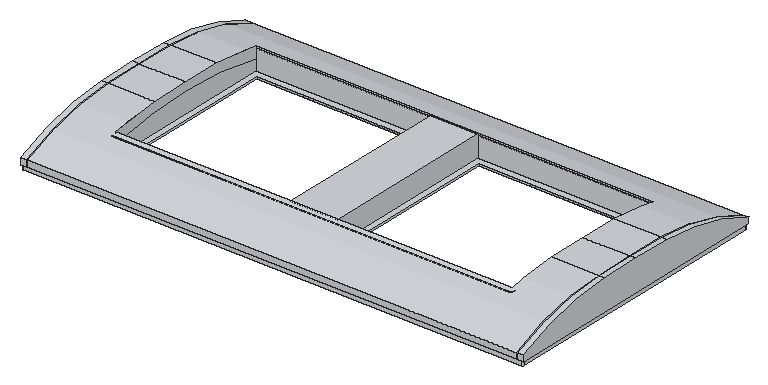
Revit family "Gira_0212773", category Electrical Fixtures, host Face, Revit 2017
Family settings
  Host = Face
  Maintain Annotation Orientation = No
  Round Connector Dimension = Use Diameter
  Part Type = Normal
  Cut with Voids When Loaded = No
  Shared = No
  Room Calculation Point = No
Parameters (values of type "Cov.fr. 2-g interm.fr. PW Gira Event Clear sand")
  With mounting grid = "No"
  With hinged lid = "No"
  URL = "http://katalog.gira.de/en/datenblatt.html?artikelnr=0212773"
  Type of fastening = "Clamp mounting"
  Transparent = "No"
  Surface protection = "Other"
  Surface finishing = "Glossy"
  Suitable for wall duct = "No"
  Suitable for flush-mounted installation = "Yes"
  Suitable for floor box = "No"
  Suitable for built-in installation = "No"
  Number of units vertical = "2"
  Number of units horizontal = "2"
  Number of units = "2"
  Name = "Cov.fr. 2-g interm.fr. PW Gira Event Clear sand"
  Mounting direction = "Horizontal and vertical"
  Material quality = "Thermoplastic"
  Material = "Plastic"
  Manufacturer URL = "https://www.gira.de/"
  Manufacturer = "Gira"
  Label space/information surface = "No"
  Keynote = ""
  HeinzeBIM = "https://bimportal.heinze.de/bim/cov-fr-2-g-interm-fr-pw-gira-event-clear-sand/ef8b28b9c15171a4de1cccc65086d8648d5655af"
  Halogen free = "Yes"
  HAN = "0212773"
  GTIN = "4010337069553"
  Description = "Cov.fr.2g i.fr.PW EvCl SD,Gira Event Clear cover frame,sand with pure white glossy intermediate frame,2-gang,Features:,- Shatter-proof."
  Degree of protection (IP) = "IP20"
  Default Elevation = 1219.2 mm
  Data sheet (1) = "https://katalog.gira.de/en/download.html?artikelnr=0212773"
  Colour = "Other"
  Category = "Cover frame for domestic switching devices"
  BIM (1) = "https://media.stage.bim.site/public/gira/36a6b08/Event_Rahmen_2fach.rfa"
  Available = "No"
Reference planes
  plane 1 "Center (Front/Back)": y = 0
  plane 2: z = 0
  plane 3 "Center (Left/Right)": x = 0
Forms (mm)
  Extrusion 1, solid, detail levels fine
    sketch origin (0, 0, 0.05) x (0, 1, 0) y (0, 0, 1)
      loop
        arc (12.445, 9.683) -> (6.223, 9.833) -> (0, 9.85) r 291.636
        arc (0, 9.85) -> (-6.223, 9.833) -> (-12.445, 9.683) r 291.636
        arc (-12.445, 9.683) -> (-29.14, 7.482) -> (-45, 1.823) r 79.728
        line (-45, 1.823) -> (-45, -0.05) -> (-42.086, -0.05)
        arc (-42.086, -0.05) -> (-21.385, 5.559) -> (0, 7.206) r 114.424
        arc (0, 7.206) -> (21.385, 5.559) -> (42.086, -0.05) r 114.424
        line (42.086, -0.05) -> (45, -0.05) -> (45, 1.823)
        arc (45, 1.823) -> (29.14, 7.482) -> (12.445, 9.683) r 79.728
    from -78.55 to 78.55
  Extrusion 2, void, detail levels fine
    sketch origin (0, 0, 0) x (1, 0, 0) y (0, 1, 0)
      loop
        line (-63.55, -27.937) -> (63.55, -27.937) -> (63.55, 28.063) -> (-63.55, 28.063) -> (-63.55, -27.937)
    from 0.724 to 11
  Extrusion 3, solid, detail levels coarse
    sketch origin (0, 0, 0) x (1, 0, 0) y (0, 1, 0)
      loop
        line (-80.55, 45) -> (-80.55, -45) -> (80.55, -45) -> (80.55, 45) -> (-80.55, 45)
    from -1.5 to 9.9
  Extrusion 4, solid, detail levels medium
    sketch origin (0, 0, 0.05) x (0, 1, 0) y (0, 0, 1)
      loop
        arc (12.445, 9.683) -> (6.223, 9.833) -> (0, 9.85) r 291.636
        arc (0, 9.85) -> (-6.223, 9.833) -> (-12.445, 9.683) r 291.636
        arc (-12.445, 9.683) -> (-29.14, 7.482) -> (-45, 1.823) r 79.728
        line (-45, 1.823) -> (-45, -0.05) -> (45, -0.05) -> (45, 1.823)
        arc (45, 1.823) -> (29.14, 7.482) -> (12.445, 9.683) r 79.728
    from -80.55 to 80.55
  Extrusion 5, solid, detail levels fine
    sketch origin (-35.55, 0, -1.5) x (0, 1, 0) y (0, 0, -1)
      loop
        line (45, -3.373) -> (45, -1.5) -> (-45, -1.5) -> (-45, -3.373)
        arc (-45, -3.373) -> (-29.14, -9.032) -> (-12.445, -11.233) r 79.728
        arc (-12.445, -11.233) -> (-6.223, -11.383) -> (0, -11.4) r 291.636
        arc (0, -11.4) -> (6.223, -11.383) -> (12.445, -11.233) r 291.636
        arc (12.445, -11.233) -> (29.14, -9.032) -> (45, -3.373) r 79.728
    from 43 to 45
  Extrusion 6, solid, detail levels fine
    sketch origin (0, 0, 0) x (1, 0, 0) y (0, 1, 0)
      loop
        line (-61.45, 25.7) -> (-61.45, -25.7) -> (-9.65, -25.7) -> (-9.65, 25.7) -> (-61.45, 25.7)
      loop
        line (61.45, -25.7) -> (61.45, 25.7) -> (9.65, 25.7) -> (9.65, -25.7) -> (61.45, -25.7)
      loop
        line (-64.445, 28.49) -> (-64.445, -28.495)
        spline (-64.445, -28.495) -> (-64.436, -28.625) -> (-64.411, -28.754) -> (-64.369, -28.878) -> (-64.311, -28.995) -> (-64.238, -29.104) -> (-64.152, -29.202) -> (-64.054, -29.288) -> (-63.945, -29.361) -> (-63.828, -29.419) -> (-63.704, -29.461) -> (-63.575, -29.486) -> (-63.445, -29.495)
        line (-63.445, -29.495) -> (63.445, -29.495)
        spline (63.445, -29.495) -> (63.575, -29.486) -> (63.704, -29.461) -> (63.828, -29.419) -> (63.945, -29.361) -> (64.054, -29.288) -> (64.152, -29.202) -> (64.238, -29.104) -> (64.311, -28.995) -> (64.369, -28.878) -> (64.411, -28.754) -> (64.436, -28.625) -> (64.445, -28.495)
        line (64.445, -28.495) -> (64.445, 28.49)
        spline (64.445, 28.49) -> (64.436, 28.62) -> (64.411, 28.748) -> (64.369, 28.872) -> (64.311, 28.99) -> (64.238, 29.098) -> (64.152, 29.197) -> (64.054, 29.283) -> (63.945, 29.356) -> (63.828, 29.413) -> (63.704, 29.456) -> (63.575, 29.481) -> (63.445, 29.49)
        line (63.445, 29.49) -> (-63.445, 29.49)
        spline (-63.445, 29.49) -> (-63.575, 29.481) -> (-63.704, 29.456) -> (-63.828, 29.413) -> (-63.945, 29.356) -> (-64.054, 29.283) -> (-64.152, 29.197) -> (-64.238, 29.098) -> (-64.311, 28.99) -> (-64.369, 28.872) -> (-64.411, 28.748) -> (-64.436, 28.62) -> (-64.445, 28.49)
    from 0.1 to 7.3
  Extrusion 7, solid
    sketch origin (0, 0, 0) x (1, 0, 0) y (0, 1, 0)
      loop
        arc (-80.25, -44.2) -> (-80.104, -44.554) -> (-79.75, -44.7) r 0.5
        line (-79.75, -44.7) -> (79.75, -44.7)
        arc (79.75, -44.7) -> (80.104, -44.554) -> (80.25, -44.2) r 0.5
        line (80.25, -44.2) -> (80.25, 44.2)
        arc (80.25, 44.2) -> (80.104, 44.554) -> (79.75, 44.7) r 0.5
        line (79.75, 44.7) -> (-79.75, 44.7)
        arc (-79.75, 44.7) -> (-80.104, 44.554) -> (-80.25, 44.2) r 0.5
        line (-80.25, 44.2) -> (-80.25, -44.2)
      loop
        line (-78.55, 43) -> (-78.55, -43) -> (78.55, -43) -> (78.55, 43) -> (-78.55, 43)
    from -1.5 to 0.5
  Extrusion 8, solid, detail levels fine
    sketch origin (35.55, 0, -1.5) x (0, 1, 0) y (0, 0, 1)
      loop
        arc (45, 3.373) -> (29.14, 9.032) -> (12.445, 11.233) r 79.728
        arc (12.445, 11.233) -> (6.223, 11.383) -> (0, 11.4) r 291.636
        arc (0, 11.4) -> (-6.223, 11.383) -> (-12.445, 11.233) r 291.636
        arc (-12.445, 11.233) -> (-29.14, 9.032) -> (-45, 3.373) r 79.728
        line (-45, 3.373) -> (-45, 1.5) -> (45, 1.5) -> (45, 3.373)
    from 43 to 45
  Extrusion 9, solid, detail levels medium
    sketch origin (0, 0, 0) x (1, 0, 0) y (0, 1, 0)
      loop
        line (-80.25, -44.7) -> (80.25, -44.7) -> (80.25, 44.7) -> (-80.25, 44.7) -> (-80.25, -44.7)
    from -1.5 to 0.5
  Extrusion 10, solid, detail levels fine
    sketch origin (0, 0, 0) x (1, 0, 0) y (0, 1, 0)
      loop
        line (-7.55, 28.063) -> (-7.55, -27.937) -> (7.55, -27.937) -> (7.55, 28.063) -> (-7.55, 28.063)
    from 0.724 to 7.566
Cuts and joins
  Extrusion 2 cuts Extrusion 1
  Extrusion 2 cuts Extrusion 6
Dimensions and locks
  aligned and locked: plane 2 to host face
  aligned and locked: level to host face
